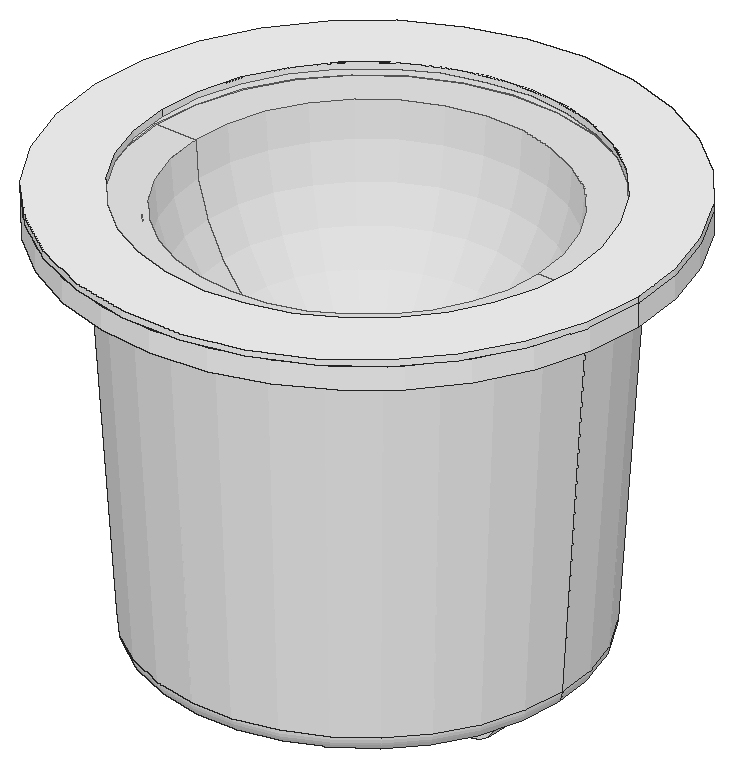
Revit family "2058908", category Lighting Fixtures, host Face, Revit 2018
Family settings
  Host = Face
  Round Connector Dimension = Use Diameter
  Part Type = Normal
  OmniClass Number = 23.80.70.11.17
  OmniClass Title = Specialized Lighting by Location or Use
  Cut with Voids When Loaded = No
  Light Source = Yes
  Shared = No
  Room Calculation Point = No
Parameters (values of type "2058908 MYRIAD DECO IP65 SP 3K PHD SI CBEZ")
  Weight = "n/a"
  Wattage = 15 W
  WarrantyStartDate [instance] = "n/a"
  WarrantyGuarantorParts = "n/a"
  WarrantyDurationUnit = "n/a"
  WarrantyDurationParts = ""
  WarrantyDescription = "http://www.sylvania-lighting.com"
  built-in parameter 1150110 = 1 (stored number, unit not read)
  Voltage = 230 V
  URL = "0"
  TypeName = "MYRIAD DECO IP65 SPOT 3000K PHDM SILVER CBEZ"
  Type Image = 0
  Type Comments = ""
  built-in parameter 1114217 = 1 (stored number, unit not read)
  Tilt Angle = -90°
  built-in parameter 1150109 = 1 (stored number, unit not read)
  built-in parameter 1150134 = (empty or 0)
  built-in parameter 1150113 = 1 (stored number, unit not read)
  SerialNumber [instance] = "n/a"
  Reflector Radius = Cutout Diameter / 2 - 2.5 mm  # 35.0 mm
  Reflector Material = Aluminum_Sylvania_Myriad_Bright
  Recessed Depth = Height  # 72.0 mm
  PowerFactor = 0
  PowerConsumption = "Lighting"
  Photometric Web File = "2058908.ies"
  NominalWidth = 0.0 mm
  NominalLength = 76.0 mm
  NominalHeight = 72.0 mm
  Name = "MYRIAD DECO IP65 SPOT 3000K PHDM SILVER CBEZ"
  ModelReference = "MYRIAD DECO IP65 SPOT 3000K PHDM SILVER CBEZ"
  ModelNumber = "2058908"
  Material = "Feilo Sylvania"
  ManufacturerName = "111 lm/W"
  LuminousEfficacy = ""
  LuminaireType = "0"
  LightOutputRatio = "LED"
  LampsType = Lamp  # "n/a"
  LampNominalLuminous = "3000 K"
  LampMacAdamStep = "90"
  LampColourTemperature = "LED"
  LampColourRenderingIndex = "16500"
  Keynote = "n/a"
  Keynote_2 = "16500"
  InstallationDate [instance] = "n/a"
  InputVoltage = "0"
  InputNominalFrequency = "3000"
  IngressProtection = "IfcLightFixtureType"
  ImpactProtectionIndex = "IfcLightFixtureType"
  IfcExportType = "IfcLightFixtureType"
  IfcExportAs = "Class II"
  Height = 72.0 mm  # constant formula
  ExpectedLife = 50000
  Emit from Circle Diameter = Accessory Inner Diameter 2  # 68.0 mm
  Emit Shape Visible in Rendering = no
  ElectricShockClassification = "111"
  DurationUnit = "hours"
  DocumentationLiterature = "http://www.sylvania-lighting.com/product/en-int/products/2058908"
  DimmingControlOptions = "n/a"
  Diffuser Material = Glass_Sylvania_Myriad_Clear_4000K
  Diffuser Diameter = Cutout Diameter  # 75.0 mm
  Cutout Diameter = 75.0 mm  # constant formula
  CreatedOn = "03/02/2022"
  CreatedBy = "@sylvania-lighting.com"
  Cost = 0
  built-in parameter 1114216 [instance] = 1 (stored number, unit not read)
  Model = "MYRIAD DECO IP65 SPOT 3000K PHDM SILVER CBEZ"
  Manufacturer = "Feilo Sylvania"  # constant formula
  built-in parameter 1150105 = 83.556 (stored number, unit not read)
  Lumens = 1050 lm
  built-in parameter 1150115 = 1 (stored number, unit not read)
  built-in parameter 1150137 = (empty or 0)
  built-in parameter 1150139 = (empty or 0)
  built-in parameter 1150112 = 1 (stored number, unit not read)
  built-in parameter 1150114 = 1 (stored number, unit not read)
  Lamp = "n/a"
  built-in parameter 1150132 = (empty or 0)
  built-in parameter 1150102 = (empty or 0)
  built-in parameter 1150107 = 2700 (stored number, unit not read)
  built-in parameter 1150138 = (empty or 0)
  built-in parameter 1150106 = 0.83556 (stored number, unit not read)
  built-in parameter 1150104 = 6.5032 (stored number, unit not read)
  Dimming Lamp Color Temperature Shift = <None>
  Description = "Supplied complete with electronic control gear Compact Fluorescent low energy downlight Emergency version passes through the cut out Ideal for low level orientation lighting New range of Architectural accessories each providing a different lit dimension New completely flush plaster up accessory ring for clean ceiling lines and smooth finish Order lamp separately"  # constant formula
  Default Elevation = 0.0 mm
  Color Filter = 16777215
  built-in parameter 1140040 [instance] = 1
  Body Radius = Reflector Radius + 1.5 mm  # 36.5 mm
  Body Material = Aluminum_Sylvania_Myriad_Gray
  BarCode [instance] = "n/a"
  built-in parameter 1114218 = 1 (stored number, unit not read)
  built-in parameter 1150133 = 10 (stored number, unit not read)
  AssetType = "Fixed"
  AssetIdentifier [instance] = "n/a"
  Assembly Code = "D5020200"
  Apparent Load = 10 VA
  Accessory Material = Aluminum_Sylvania_Myriad_White
  Accessory Inner Diameter 2 = Accessory Diameter - 22.0 mm  # 68.0 mm
  Accessory Inner Diameter 1 = Accessory Diameter - 2.0 mm  # 88.0 mm
  Accessory Diameter = Cutout Diameter + 15.0 mm  # 90.0 mm
Reference planes
  plane 1 "Center (Front/Back)": y = 0
  plane 2: z = 0
  plane 3 "Center (Left/Right)": x = 0
  plane 4: z = 2
  plane 5 "Fixture Bottom": z = 4.5
  plane 6: z = -28.5
  plane 7: z = -61.5
  plane 8 "Fixture Top": z = -67.5
  plane 9: z = 3.5
Forms (mm)
  Revolve 1, solid, material "Aluminum_Sylvania_Myriad_Bright" <- "Reflector Material", detail levels fine
    sketch origin (0, 0, 0) x (1, 0, 0) y (0, 0, 1)
      loop
        line (0, -27.515) -> (-6, -27.515)
        arc (-6, -27.515) -> (-22.333, -16.632) -> (-28.5, 2) r 30.135
        line (-28.5, 2) -> (-35, 2) -> (-35, 0) -> (-29.184, 0)
        arc (-29.184, 0) -> (-22.423, -18.18) -> (-6, -28.5) r 30.204
        line (-6, -28.5) -> (0, -28.5) -> (0, -27.515)
      axis (0, -28.5) -> (0, 2)
    angle from 0 to 360
  Revolve 2, solid, material "Aluminum_Sylvania_Myriad_Gray" <- "Body Material", detail levels fine
    sketch origin (0, 0, 0) x (1, 0, 0) y (0, 0, 1)
      loop
        line (-44, 2) -> (-44, 0) -> (-36.5, 0) -> (-32.42, -58.708)
        arc (-32.42, -58.708) -> (-31.474, -60.694) -> (-29.428, -61.5) r 3
        line (-29.428, -61.5) -> (0, -61.5) -> (0, -28.5) -> (-6, -28.5)
        arc (-6, -28.5) -> (-22.423, -18.18) -> (-29.184, 0) r 30.204
        line (-29.184, 0) -> (-35, 0) -> (-35, 2) -> (-44, 2)
      axis (0, 2) -> (0, -61.5)
    angle from 0 to 360
  Extrusion 3, solid, material "Aluminum_Sylvania_Myriad_Gray" <- "Body Material", detail levels fine
    sketch origin (0, 0, 0) x (1, 0, 0) y (0, 0, 1)
      loop
        line (-13.5, -67.5) -> (21, -67.5)
        arc (21, -67.5) -> (23.828, -66.328) -> (25, -63.5) r 4
        line (25, -63.5) -> (25, -61.5) -> (-17.5, -61.5) -> (-17.5, -63.5)
        arc (-17.5, -63.5) -> (-16.328, -66.328) -> (-13.5, -67.5) r 4
    from -4.5 to 4.5
  Extrusion 4, solid, material "Aluminum_Sylvania_Myriad_White" <- "Accessory Material", detail levels fine
    sketch origin (0, 0, 0) x (1, 0, 0) y (0, 1, 0)
      loop
        circle (0, 0) r 45
      loop
        circle (0, 0) r 44
    from 0 to 3.5
  Extrusion 5, solid, material "Aluminum_Sylvania_Myriad_White" <- "Accessory Material", detail levels fine
    sketch origin (0, 0, 0) x (1, 0, 0) y (0, 1, 0)
      loop
        circle (0, 0) r 45
      loop
        circle (0, 0) r 34
    from 3.5 to 4.5
  Extrusion 6, solid, material "Aluminum_Sylvania_Myriad_White" <- "Accessory Material", detail levels coarse+medium
    sketch origin (0, 0, 0) x (1, 0, 0) y (0, 1, 0)
      loop
        circle (0, 0) r 45
    from 0 to 4.5
  Revolve 7, solid, detail levels coarse+medium
    sketch origin (0, 0, 0) x (1, 0, 0) y (0, 0, 1)
      loop
        line (36.5, 0) -> (0, 0) -> (0, -61.5) -> (32.226, -61.5) -> (36.5, 0)
      axis (0, 0) -> (0, -61.5)
    angle from 0 to 360
  Extrusion 8, void
    sketch origin (0, 0, 0) x (1, 0, 0) y (0, 1, 0)
      loop
        circle (0, 0) r 37.5
    from -67.5 to 0
  Extrusion 9, solid, material "Glass_Sylvania_Myriad_Clear_4000K" <- "Diffuser Material", detail levels fine
    sketch origin (0, 0, 0) x (1, 0, 0) y (0, 1, 0)
      loop
        circle (0, 0) r 37.5
    from 2 to 3.5
Cuts and joins
  joined: Extrusion 4, Extrusion 5
Lines and regions (mm)
  Masking region 1
    outline origin (0, 0, 0) x (1, 0, 0) y (0, 1, 0)
      loop
        circle (0, 0) r 45
  symbolic lines
    curve 1: arc (-34, 0, 0) -> (0, 34, 0) -> (34, 0, 0) r 34
    curve 2: arc (34, 0, 0) -> (0, -34, 0) -> (-34, 0, 0) r 34
Dimensions and locks
  locked: plane 7 to plane 8 "Fixture Top" at 6
  "Body Radius": Revolve 7 sketch curve to plane 3 "Center (Left/Right)"
  locked: Revolve 7 sketch curve to Revolve 7 sketch curve at 4.274
  plane 5 "Fixture Bottom" to plane 9 to plane 4 to plane 2 to plane 6 = 1.0 mm locked, 1.5 mm locked, 2.0 mm locked, 28.5 mm locked
  "Reflector Radius": Revolve 1 sketch curve to plane 3 "Center (Left/Right)"
  Revolve 1 sketch curve to Revolve 1 sketch curve to Revolve 1 sketch curve to Revolve 1 sketch curve = 6.5 mm locked, 22.5 mm locked, 0.0 mm locked
  "Reflector Radius": plane 3 "Center (Left/Right)" to Revolve 2 sketch curve
  Revolve 2 sketch curve to Revolve 2 sketch curve to Revolve 2 sketch curve = 7.5 mm locked, 1.5 mm locked
  Revolve 2 sketch curve to Revolve 2 sketch curve to Revolve 2 sketch curve = 5.816 mm locked, 23.184 mm locked
  Revolve 2 sketch curve to Revolve 2 sketch curve to Revolve 2 sketch curve = 2.58 mm locked, 2.993 mm locked
  "Accessory Diameter": diameter of Extrusion 4 sketch curve
  "Accessory Inner Diameter 1": diameter of Extrusion 4 sketch curve
  "Accessory Diameter": diameter of Extrusion 5 sketch curve
  "Accessory Diameter": diameter of Extrusion 6 sketch curve
  "Cutout Diameter": diameter of Extrusion 8 sketch curve
  "Accessory Inner Diameter 2": diameter of Extrusion 5 sketch curve
  "Diffuser Diameter": diameter of Extrusion 9 sketch curve
  aligned and locked: plane 2 to host face
  aligned and locked: level to host face
  aligned and locked: plane 1 "Center (Front/Back)" to imposter light
  aligned and locked: plane 3 "Center (Left/Right)" to imposter light
  aligned and locked: Revolve 1 sketch curve to imposter light
  aligned and locked: Extrusion 3 sketch curve to plane 8 "Fixture Top"
  aligned and locked: plane 7 to Extrusion 3 sketch curve
  aligned and locked: Extrusion 4 to plane 2
  aligned and locked: plane 9 to Extrusion 4
  aligned and locked: Extrusion 5 to plane 9
  aligned and locked: plane 5 "Fixture Bottom" to Extrusion 5
  aligned and locked: Extrusion 6 to plane 2
  aligned and locked: plane 5 "Fixture Bottom" to Extrusion 6
  aligned and locked: Extrusion 8 to plane 8 "Fixture Top"
  aligned and locked: plane 2 to Extrusion 8
  aligned and locked: Masking region 1 sketch curve to Extrusion 6  (x2)
  aligned and locked: Extrusion 9 to plane 4
  aligned and locked: plane 9 to Extrusion 9
  aligned and locked: plane 4 to Revolve 2 sketch curve
  aligned and locked: Revolve 2 sketch curve to plane 2
  aligned and locked: curve 1 to cut or joined group of Extrusion 4, Extrusion 5
  aligned and locked: curve 2 to cut or joined group of Extrusion 4, Extrusion 5
  aligned and locked: imposter light to plane 5 "Fixture Bottom"
Automatic sketch dimensions
  host sketch curve to host sketch curve = 1305.563 mm
  host sketch curve to host sketch curve = 1283.632 mm
  Extrusion 3 sketch curve to plane 7 = 2.0 mm
  Extrusion 3 sketch curve to plane 3 "Center (Left/Right)" = 13.5 mm
  plane 3 "Center (Left/Right)" to Extrusion 3 sketch curve = 21.0 mm
  Extrusion 3 sketch curve to Extrusion 3 sketch curve = 4.0 mm
  Revolve 1 sketch curve to level = 0.0 mm
  Revolve 1 sketch curve to plane 3 "Center (Left/Right)" = 0.0 mm
  Revolve 1 sketch curve to plane 6 = 0.0 mm
  Revolve 1 sketch curve to plane 4 = 0.0 mm
  Revolve 1 sketch curve to Revolve 1 sketch curve = 0.684 mm
  level to Revolve 1 sketch curve = 0.88 mm
  Revolve 1 sketch curve to plane 4 = 0.363 mm
  Revolve 1 sketch curve to Revolve 1 sketch curve = 0.625 mm
  Revolve 1 sketch curve to plane 8 "Fixture Top" = 232.8 mm
  plane 5 "Fixture Bottom" to Revolve 1 sketch curve = 291.243 mm
  Revolve 2 sketch curve to plane 3 "Center (Left/Right)" = 0.0 mm  (x2)
  Revolve 2 sketch curve to plane 7 = 0.0 mm
  Revolve 2 sketch curve to plane 6 = 0.0 mm
  Revolve 2 sketch curve to level = 0.0 mm
  level to Revolve 2 sketch curve = 0.88 mm
  plane 7 to Revolve 2 sketch curve = 2.792 mm
  Revolve 2 sketch curve to plane 8 "Fixture Top" = 304.774 mm
  plane 5 "Fixture Bottom" to Revolve 2 sketch curve = 1137.105 mm
  Extrusion 4 sketch curve to Extrusion 4 sketch curve = 0.0 mm  (x2)
  plane 1 "Center (Front/Back)" to Extrusion 4 sketch curve = 0.0 mm
  Extrusion 4 sketch curve to plane 3 "Center (Left/Right)" = 0.0 mm
  Extrusion 5 sketch curve to Extrusion 5 sketch curve = 0.0 mm  (x2)
  plane 1 "Center (Front/Back)" to Extrusion 5 sketch curve = 0.0 mm
  Extrusion 5 sketch curve to plane 3 "Center (Left/Right)" = 0.0 mm
  plane 1 "Center (Front/Back)" to Extrusion 6 sketch curve = 0.0 mm
  Extrusion 6 sketch curve to plane 3 "Center (Left/Right)" = 0.0 mm
  Revolve 7 sketch curve to level = 0.0 mm
  Revolve 7 sketch curve to plane 3 "Center (Left/Right)" = 0.0 mm  (x2)
  Revolve 7 sketch curve to plane 7 = 0.0 mm
  Revolve 7 sketch curve to plane 8 "Fixture Top" = 304.774 mm
  plane 5 "Fixture Bottom" to Revolve 7 sketch curve = 43.226 mm
  plane 1 "Center (Front/Back)" to Extrusion 8 sketch curve = 0.0 mm
  Extrusion 8 sketch curve to plane 3 "Center (Left/Right)" = 0.0 mm
  plane 1 "Center (Front/Back)" to Extrusion 9 sketch curve = 0.0 mm
  Extrusion 9 sketch curve to plane 3 "Center (Left/Right)" = 0.0 mm
Connectors
  electrical at (-0.006, -0.019, -67.5), driven by "Apparent Load", driven by "Apparent Load"
    settings: on plane 8 "Fixture Top", index 1, voltage 230 V, apparent load 10 VA, apparent load phase1 10 VA, apparent load phase2 0 VA, apparent load phase3 0 VA, power factor 1, load classification "Lighting", number of poles 1, system type 30, power factor state 1, is connector primary yes, connector utility no, sub classification motor no, connector description ""
